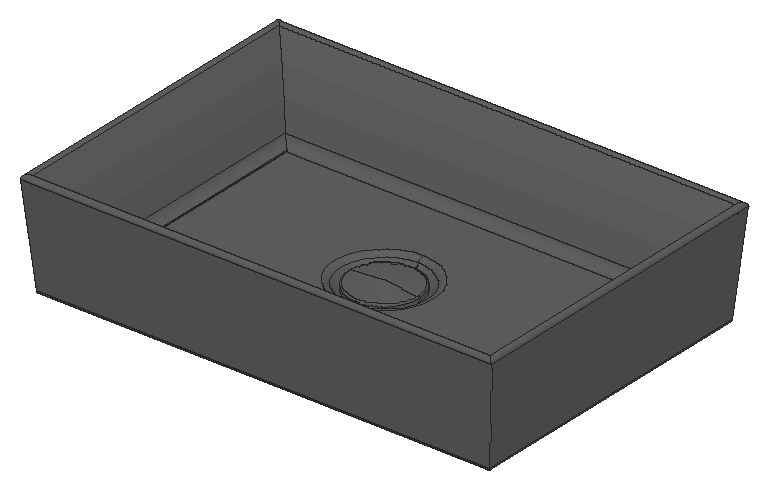
Revit family "Basin-Vessel-DXV-Pop_Rectangle-D20080022_Series", category Plumbing Fixtures, Revit 2014
Parameters (values of type "D20080022.059")
  Width = 15"
  Waste Connection Radius = 5/8"
  Waste Connection Height = 18"
  Waste Connection Diameter = Waste Connection Radius * 2  # 1 1/4"
  Waste Connection = yes
  Warranty Documentation Link = "https://www.dxv.com/-/media/files/dxv/warranty/dxv_warranty_booklet.ashx"
  WFU = 2
  Vent Connection = no
  URL = "https://www.dxv.com/"
  Product Page URL = "https://www.dxv.com/product/pop-rectangle-bathroom-vessel-sink-by-dxv"
  Product Documentation Link = "https://dxv01.blob.core.windows.net/dxv-product-pdf-files/spec_D20080022_DXV_Pop_rect_ac_lav_EN.pdf"
  Price = "Prices may vary. Please consult Manufacturer Rep for most up-to-date price list."
  Outlet Location = 4"
  Model = "D20080022.059"
  Material = "Fine Fire Clay-DXV-059-Matte Black"
  Manufacturer = "DXV"
  Length = 15"
  Installation Type = "Above Counter"
  Hot Water Connection Width = 3"
  Hot Water Connection Radius = 1/4"
  Hot Water Connection Height = 20"
  Hot Water Connection Diameter = Hot Water Connection Radius * 2  # 1/2"
  Height = 5"
  HWFU = 1.5
  HW Connection = yes
  Finish = Fine Fire Clay-DXV-059-Matte Black
  Description = "Pop Rectangle Vessel Lavatory"
  Default Elevation = 28"
  Creation Date = "1/11/2013"  # constant formula
  Cold Water Connection Width = 3"
  Cold Water Connection Radius = 1/4"
  Cold Water Connection Height = Hot Water Connection Height  # 20"
  Cold Water Connection Diameter = Cold Water Connection Radius * 2  # 1/2"
  CWFU = 1.5
  CW Connection = yes
  Basin Shape = "Rectangular"
  Assembly Code = "D2010310"
Types (6): name | Model | Material | Finish
  (no name) | "D20080022.059" | "Fine Fire Clay-DXV-059-Matte Black" | Fine Fire Clay-DXV-059-Matte Black
  D20080022.415 | "D20080022.415" | "Fine Fire Clay-DXV-415-Canvas White" | Fine Fire Clay-DXV-415-Canvas White
  D20080022.059 | "D20080022.059" | "Fine Fire Clay-DXV-059-Matte Black" | Fine Fire Clay-DXV-059-Matte Black
  D20080022.178 | "D20080022.178" | "Fine Fire Clay-DXV-178-Black" | Fine Fire Clay-DXV-178-Black
  D20080022.405 | "D20080022.405" | "Fine Fire Clay-DXV-405-Pearlescent White" | Fine Fire Clay-DXV-405-Pearlescent White
  D20080022.425 | "D20080022.425" | "Fine Fire Clay-DXV-425-Chenille Gray" | Fine Fire Clay-DXV-425-Chenille Gray
Reference planes (in)
  plane 1 "Center (Front/Back)": y = 0
  plane 2: z = 0
  plane 3 "Center (Left/Right)": x = 0
  plane 4: z = -28
  plane 5: z = -8
  plane 6: z = -10
  plane 7: x = 3
  plane 8: x = -3
  plane 9: y = -4
  plane 10: y = -11.5
  plane 11: y = -19
  plane 12: x = -7.5
  plane 13: x = 7.5
  plane 14: z = 5
  plane 15: z = 1.1875
  plane 16: x = 7.5
  plane 17: x = -7.5
  plane 18: x = -10.4375
  plane 19: x = 10.4375
  plane 20: y = -4.53125
  plane 21: y = -18.46875
Forms (in)
  Extrusion 1, solid, not visible
    sketch origin (0, 0, 0) x (1, 0, 0) y (0, 0, 1)
      loop
        circle (-3, -8) r 0.25
      loop
        circle (3, -8) r 0.25
      loop
        circle (0, -10) r 0.625
    from 0 to 0.03125
  Revolve 2, solid, material "Fine Fire Clay-DXV-059-Matte Black" <- "Finish"
    sketch origin (0, -11.5, 0) x (1, 0, 0) y (0, 0, 1)
      loop
        line (0, 0.7885246) -> (1.625, 0.7885246) -> (1.625, 0.9733308)
        arc (1.625, 0.9733308) -> (1.6066933, 1.0232006) -> (1.5604691, 1.0493819) r 0.0770794
        arc (1.5604691, 1.0493819) -> (0.7828363, 1.14762) -> (0, 1.1867454) r 10.3530318
        line (0, 1.1867454) -> (0, 0.7885246)
      axis (0, 1.1867454) -> (0, 0.7885246)
    angle from 0 to 360
  Sweep 3, solid, material "Fine Fire Clay-DXV-059-Matte Black" <- "Finish"
    path origin (0, 0, 0) x (1, 0, 0) y (0, 1, 0)
      loop
        line (-11, -4) -> (-11, -19) -> (11, -19) -> (11, -4) -> (-11, -4)
    profile origin (0, -4, 0) x (0, 1, 0) y (0, 0, 1)
      loop
        arc (-0.4340449, 0.1126163) -> (-0.2714087, 2.4622167) -> (-0.0016504, 4.8019395) r 51.56393
        arc (-0.0016504, 4.8019395) -> (-0.1088113, 4.9875762) -> (-0.3151005, 4.9293596) r 0.1745399
        arc (-0.3151005, 4.9293596) -> (-1.2323573, 3.3419824) -> (-1.7789532, 1.5920227) r 8.3042034
        arc (-1.7789532, 1.5920227) -> (-1.9517421, 1.3016641) -> (-2.2697526, 1.1875) r 0.5
        line (-2.2697526, 1.1875) -> (-5.0706525, 1.1875) -> (-5.0706525, 0.7885246) -> (-2.2795885, 1.1034796)
        arc (-2.2795885, 1.1034796) -> (-2.0782783, 1.0582182) -> (-1.9481206, 0.8981139) r 0.315136
        line (-1.9481206, 0.8981139) -> (-1.6511695, 0.0822475)
        arc (-1.6511695, 0.0822475) -> (-1.605405, 0.022606) -> (-1.533708, 0) r 0.125
        line (-1.533708, 0) -> (-0.5519962, 0)
        arc (-0.5519962, 0) -> (-0.4704564, 0.0326751) -> (-0.4340449, 0.1126163) r 0.1180777
  Revolve 4, solid, material "Fine Fire Clay-DXV-059-Matte Black" <- "Finish"
    sketch origin (0, 0, 0) x (0, 1, 0) y (0, 0, 1)
      loop
        arc (-13.7525708, 0.6117479) -> (-13.6205046, 0.2783455) -> (-13.2959531, 0.1258169) r 0.486872
        arc (-13.2959531, 0.1258169) -> (-13.1385111, 0.0567965) -> (-13.0628576, -0.0975679) r 0.25
        line (-13.0628576, -0.0975679) -> (-12.9195593, -1.4609605)
        arc (-12.9195593, -1.4609605) -> (-12.8818832, -1.534904) -> (-12.8044065, -1.5646445) r 0.1157871
        line (-12.8044065, -1.5646445) -> (-12.4944207, -1.5646445) -> (-12.374477, -0.3072463)
        arc (-12.374477, -0.3072463) -> (-12.4391554, 0.0274102) -> (-12.6747011, 0.2737769) r 0.6040578
        arc (-12.6747011, 0.2737769) -> (-13.1257234, 0.6044169) -> (-13.4930799, 1.0260722) r 2.52973
        arc (-13.4930799, 1.0260722) -> (-13.6273438, 1.1447007) -> (-13.8013199, 1.1875) r 0.375
        line (-13.8013199, 1.1875) -> (-14.25, 1.1875) -> (-14.25, 0.8247083) -> (-13.9293475, 0.7885246)
        arc (-13.9293475, 0.7885246) -> (-13.8043475, 0.7367479) -> (-13.7525708, 0.6117479) r 0.1767767
      axis (-11.5, 1.1875) -> (-11.5, -1.5646445)
    angle from 0 to 360
  Extrusion 5, solid, material "Fine Fire Clay-DXV-059-Matte Black" <- "Finish"
    sketch origin (0, 0, 0) x (1, 0, 0) y (0, 1, 0)
      loop
        line (-5.9293475, -9.0706525) -> (-5.9293475, -13.9293475) -> (-1.288709, -13.9293475)
        arc (-1.288709, -13.9293475) -> (-2.75, -11.5) -> (-1.288709, -9.0706525) r 2.75
        line (-1.288709, -9.0706525) -> (-5.9293475, -9.0706525)
      loop
        line (5.9293475, -9.0706525) -> (1.288709, -9.0706525)
        arc (1.288709, -9.0706525) -> (2.75, -11.5) -> (1.288709, -13.9293475) r 2.75
        line (1.288709, -13.9293475) -> (5.9293475, -13.9293475) -> (5.9293475, -9.0706525)
    from 0.7885246 to 1.1875
Cuts and joins
  joined: Revolve 2, Sweep 3, Revolve 4, Extrusion 5
Lines and regions (in)
  Masking region 1
    outline origin (0, 0, 0) x (1, 0, 0) y (0, 1, 0)
      loop
        arc (-10.8125, -4) -> (-10.9450825, -4.0549175) -> (-11, -4.1875) r 0.1875
        line (-11, -4.1875) -> (-11, -18.8125)
        arc (-11, -18.8125) -> (-10.9450825, -18.9450825) -> (-10.8125, -19) r 0.1875
        line (-10.8125, -19) -> (10.8125, -19)
        arc (10.8125, -19) -> (10.9450825, -18.9450825) -> (11, -18.8125) r 0.1875
        line (11, -18.8125) -> (11, -4.1875)
        arc (11, -4.1875) -> (10.9450825, -4.0549175) -> (10.8125, -4) r 0.1875
        line (10.8125, -4) -> (-10.8125, -4)
  symbolic lines, style "PlumbingFixtures", detail levels medium+fine
    curve 1: circle (0, -11.5, 0) r 0.875 normal (0, 0, 1)
  symbolic lines, detail levels fine
    curve 2: circle (0, -11.5, 0) r 1.25 normal (0, 0, 1)
    curve 11: line (-8.5, -16, 0) -> (-8.5, -7, 0)
    curve 12: line (8.5, -16, 0) -> (8.5, -7, 0)
    curve 13: line (8, -6.5, 0) -> (-8, -6.5, 0)
    curve 14: line (8, -16.5, 0) -> (-8, -16.5, 0)
    curve 15: arc (-8.5, -16, 0) -> (-8.3535534, -16.3535534, 0) -> (-8, -16.5, 0) r 0.5
    curve 16: arc (8, -16.5, 0) -> (8.3535534, -16.3535534, 0) -> (8.5, -16, 0) r 0.5
    curve 17: arc (8.5, -7, 0) -> (8.3535534, -6.6464466, 0) -> (8, -6.5, 0) r 0.5
    curve 18: arc (-8, -6.5, 0) -> (-8.3535534, -6.6464466, 0) -> (-8.5, -7, 0) r 0.5
  symbolic lines, detail levels medium+fine
    curve 3: line (-10.4375, -18.28125, 0) -> (-10.4375, -4.71875, 0)
    curve 4: line (10.4375, -4.71875, 0) -> (10.4375, -18.28125, 0)
    curve 5: line (-10.25, -4.53125, 0) -> (10.25, -4.53125, 0)
    curve 6: line (10.25, -18.46875, 0) -> (-10.25, -18.46875, 0)
    curve 7: arc (-10.25, -18.46875, 0) -> (-10.3825825, -18.4138325, 0) -> (-10.4375, -18.28125, 0) r 0.1875
    curve 8: arc (10.4375, -18.28125, 0) -> (10.3825825, -18.4138325, 0) -> (10.25, -18.46875, 0) r 0.1875
    curve 9: arc (10.25, -4.53125, 0) -> (10.3825825, -4.5861675, 0) -> (10.4375, -4.71875, 0) r 0.1875
    curve 10: arc (-10.4375, -4.71875, 0) -> (-10.3825825, -4.5861675, 0) -> (-10.25, -4.53125, 0) r 0.1875
Dimensions and locks (in)
  "Default Elevation": level to plane 4
  "Hot Water Connection Height": plane 5 to plane 4
  "Waste Connection Height": plane 6 to plane 4
  "Hot Water Connection Width": plane 8 to plane 3 "Center (Left/Right)"
  "Cold Water Connection Width": plane 7 to plane 3 "Center (Left/Right)"
  "Length": plane 9 to plane 11
  "Height": plane 14 to level
  plane 14 to plane 15 = 3 13/16"
  plane 12 to plane 13 = 15"
  "Outlet Location": plane 1 "Center (Front/Back)" to plane 9
  "Width": plane 17 to plane 16
  equal spacing: plane 17, plane 3 "Center (Left/Right)", plane 16
  plane 9 to plane 10 = 7 1/2"
Automatic sketch dimensions
  Extrusion 1 sketch curve to plane 5 = 0"  (x2)
  plane 8 to Extrusion 1 sketch curve = 0"
  Extrusion 1 sketch curve to plane 3 "Center (Left/Right)" = 0"
  Extrusion 1 sketch curve to plane 7 = 0"
  Extrusion 1 sketch curve to plane 6 = 0"
  Revolve 2 sketch curve to plane 3 "Center (Left/Right)" = 0"  (x2)
  Revolve 2 sketch curve to plane 3 "Center (Left/Right)" = 1/8"
  Revolve 2 sketch curve to plane 15 = 0.21417"
  Revolve 2 sketch curve to plane 7 = 1.45208"
  Revolve 2 sketch curve to Revolve 2 sketch curve = 0.07708"
  Revolve 2 sketch curve to Revolve 2 sketch curve = 0.18481"
  plane 6 to Revolve 2 sketch curve = 0.83447"
  Revolve 2 sketch curve to plane 15 = 0.00075"
  plane 15 to Revolve 2 sketch curve = 0.1074"
  Revolve 2 sketch curve to Revolve 2 sketch curve = 0.09456"
  plane 11 to Sweep 3 sketch curve = 0"
  plane 12 to Sweep 3 sketch curve = 3 1/2"
  plane 13 to Sweep 3 sketch curve = 3 1/2"
  Sweep 3 sketch curve to plane 9 = 0"
  Sweep 3 sketch curve to level = 0"
  level to Sweep 3 sketch curve = 1.10348"
  profile plane to Sweep 3 sketch curve = 2.27959"
  Sweep 3 sketch curve to Sweep 3 sketch curve = 0.00984"
  Sweep 3 sketch curve to Sweep 3 sketch curve = 0.03534"
  level to Sweep 3 sketch curve = 0.89811"
  Sweep 3 sketch curve to Sweep 3 sketch curve = 0.29613"
  level to Sweep 3 sketch curve = 0.08225"
  Sweep 3 sketch curve to Sweep 3 sketch curve = 0.29695"
  Sweep 3 sketch curve to Sweep 3 sketch curve = 0.11746"
  profile plane to Sweep 3 sketch curve = 0.552"
  profile plane to Sweep 3 sketch curve = 0.17454"
  level to Sweep 3 sketch curve = 0.0063"
  Sweep 3 sketch curve to profile plane = 6.37244"
  Sweep 3 sketch curve to level = 2.27232"
  Sweep 3 sketch curve to Sweep 3 sketch curve = 44.70226"
  Sweep 3 sketch curve to Sweep 3 sketch curve = 0.11808"
  Sweep 3 sketch curve to Sweep 3 sketch curve = 0.08402"
  Sweep 3 sketch curve to Sweep 3 sketch curve = 1/2"
  Sweep 3 sketch curve to Sweep 3 sketch curve = 3.23386"
  Sweep 3 sketch curve to Sweep 3 sketch curve = 0"  (x3)
  level to Sweep 3 sketch curve = 0.78852"
  Sweep 3 sketch curve to Sweep 3 sketch curve = 2.79106"
  Revolve 4 sketch curve to plane 15 = 0"
  Revolve 4 sketch curve to plane 10 = 0"
  Revolve 4 sketch curve to level = 0.30725"
  Revolve 4 sketch curve to plane 10 = 0.87448"
  Revolve 4 sketch curve to plane 10 = 0.99442"
  Revolve 4 sketch curve to Revolve 4 sketch curve = 0.30999"
  Revolve 4 sketch curve to Revolve 4 sketch curve = 0.11515"
  Revolve 4 sketch curve to level = 0.24989"
  Revolve 4 sketch curve to Revolve 4 sketch curve = 0.60133"
  Revolve 4 sketch curve to level = 0.09757"
  Revolve 4 sketch curve to Revolve 4 sketch curve = 0.08705"
  Revolve 4 sketch curve to Revolve 4 sketch curve = 0.20284"
  Revolve 4 sketch curve to level = 0.1237"
  Revolve 4 sketch curve to Revolve 4 sketch curve = 0.24863"
  Revolve 4 sketch curve to Revolve 4 sketch curve = 0.53562"
  Revolve 4 sketch curve to Revolve 4 sketch curve = 0.12803"
  plane 10 to Revolve 4 sketch curve = 0.08629"
  Revolve 4 sketch curve to Revolve 4 sketch curve = 1.2574"
  Revolve 4 sketch curve to Revolve 4 sketch curve = 0.10368"
  Revolve 4 sketch curve to Revolve 4 sketch curve = 0.17678"
  Revolve 4 sketch curve to Revolve 4 sketch curve = 0.02398"
  plane 15 to Revolve 4 sketch curve = 1.27932"
  Revolve 4 sketch curve to Revolve 4 sketch curve = 0"  (x2)
  Revolve 4 sketch curve to Revolve 4 sketch curve = 0.32065"
  Revolve 4 sketch curve to plane 15 = 0.36279"
  Revolve 4 sketch curve to Revolve 4 sketch curve = 0.03618"
  Revolve 4 sketch curve to Revolve 4 sketch curve = 0.29159"
  Revolve 4 sketch curve to Revolve 4 sketch curve = 0.04159"
  plane 12 to Masking region 1 sketch curve = 3 1/2"
  Masking region 1 sketch curve to Masking region 1 sketch curve = 3/16"  (x2)
  plane 13 to Masking region 1 sketch curve = 3 5/16"  (x2)
  plane 13 to Masking region 1 sketch curve = 3 1/2"
  Masking region 1 sketch curve to plane 11 = 0"
  Masking region 1 sketch curve to plane 9 = 3/16"
  curve 1 to curve 2 = 0"  (x2)
  curve 2 to plane 3 "Center (Left/Right)" = 0"
  curve 2 to plane 10 = 0"
  plane 8 to curve 13 = 5"
  plane 8 to curve 14 = 5"
  curve 11 to curve 15 = 1/2"
  plane 12 to curve 6 = 2 3/4"
  plane 12 to curve 10 = 2 3/4"
  curve 3 to curve 10 = 3/16"
  plane 7 to curve 17 = 5"
  plane 7 to curve 14 = 5"
  curve 17 to curve 12 = 1/2"
  plane 13 to curve 5 = 2 3/4"
  plane 13 to curve 6 = 2 3/4"
  curve 8 to curve 4 = 3/16"
  curve 16 to plane 11 = 3"
  curve 8 to plane 11 = 23/32"
  plane 10 to curve 11 = 4 1/2"
  curve 9 to plane 9 = 23/32"
  Extrusion 5 sketch curve to Extrusion 5 sketch curve = 0"  (x2)
  Extrusion 5 sketch curve to plane 3 "Center (Left/Right)" = 0"
  Extrusion 5 sketch curve to plane 10 = 0"
  Extrusion 5 sketch curve to plane 3 "Center (Left/Right)" = 1.28871"  (x2)
  Extrusion 5 sketch curve to plane 12 = 1.57065"
  plane 3 "Center (Left/Right)" to Extrusion 5 sketch curve = 1.28871"  (x2)
  Extrusion 5 sketch curve to plane 13 = 1.57065"
  Extrusion 5 sketch curve to plane 10 = 2.42935"  (x2)
  radius of Extrusion 1 sketch curve = 1/4"  (x2)
  radius of Extrusion 1 sketch curve = 5/8"
  radius of curve 1 = 7/8"
  radius of curve 2 = 1 1/4"
Connectors (in)
  piping at (0, 0, -10), diameter 1.25, driven by "Waste Connection Radius", driven by "WFU"
    settings: on Extrusion 1, index 1, connector inside diameter 1 1/4", connector length 0", flow factor 0, pipe flow 0 GPM, pressure drop 0.00 psi, fitting loss kfactor 0, connector angle 0.00°, fixture units 2, engagement length 0", angle of deflection 0.00°, flow configuration 3, flow direction 2, fitting loss method 0, system type 16, joint type 0, gender type 0, connector reference index -1, connector utility 0, adjustable connector yes, is connector primary yes, connector description "1-1/4\" O.D. Outlet"
  piping at (3, 0, -8), diameter 0.5, driven by "Cold Water Connection Radius", driven by "CWFU"
    settings: on Extrusion 1, index 2, connector inside diameter 1/2", connector length 0", flow factor 0, pipe flow 0 GPM, pressure drop 0.00 psi, fitting loss kfactor 0, connector angle 0.00°, fixture units 1.5, engagement length 0", angle of deflection 0.00°, flow configuration 3, flow direction 1, fitting loss method 0, system type 20, joint type 0, gender type 0, connector reference index -1, connector utility 0, adjustable connector no, is connector primary no, connector description "1/2\" CW Supply Inlet"
  piping at (-3, 0, -8), diameter 0.5, driven by "Hot Water Connection Radius", driven by "HWFU"
    settings: on Extrusion 1, index 3, connector inside diameter 1/2", connector length 0", flow factor 0, pipe flow 0 GPM, pressure drop 0.00 psi, fitting loss kfactor 0, connector angle 0.00°, fixture units 1.5, engagement length 0", angle of deflection 0.00°, flow configuration 3, flow direction 1, fitting loss method 0, system type 19, joint type 0, gender type 0, connector reference index -1, connector utility 0, adjustable connector no, is connector primary no, connector description "1/2\" HW Supply Inlet"
